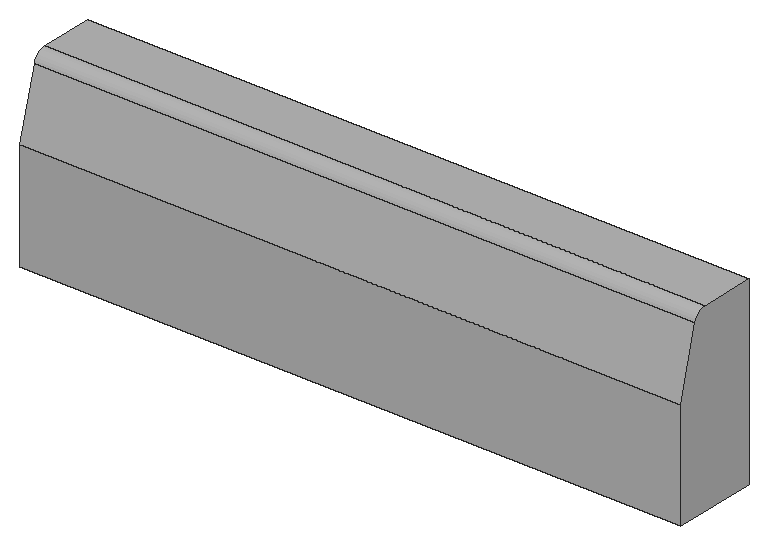
Revit family "K142 10x5 Pressed Kerb", category Generic Models, Revit 2020
Family settings
  Can host rebar = No
  Round Connector Dimension = Use Diameter
  Part Type = Normal
  Work Plane-Based = No
  Always vertical = Yes
  Cut with Voids When Loaded = No
  Shared = No
  Room Calculation Point = No
Parameters
  Weight = "62Kg."
  Warranty Guarantor Parts = "n/a"
  Warranty Guarantor Labour = "n/a"
  Warranty Duration Unit = "n/a"
  Warranty Duration Parts = "n/a"
  Warranty Duration Labour = "n/a"
  Warranty Description = "n/a"
  Unit Width [instance] = 116 mm
  Unit Length [instance] = 914 mm
  Unit Height [instance] = 254 mm
  URL = "www.killeshal.com"
  Types = "Single"
  Type Comments = "Visit our website for a full list of available products."
  Sustainability Performance = "n/a"
  Structural Class = "n/a"
  Span = "Length."
  Slope = "0.00°"
  Size = "116 Wide x 254 High x 914mm Long."
  Shape = "As per drawing"
  Service Life = "0.000000"
  Serial Number = "n/a"
  Resistance to Fire = "n/a"
  Replacement Cost = "n/a"
  Reference = "n/a"
  Notified Body = "n/a"
  Nominal Cover to Main Bar = "n/a"
  Model = "K/142 Kerb."
  Mechanical Resistance = "n/a"
  Manufacturer = "Killeshal Precast Concrete Ltd."
  Load Bearing = no
  Life Cycle Environmental Load = "n/a"
  Length Options = "914mm."
  Keynote = "The information contained is the sole property of KPC Ltd., any reproduction in part or whole without permission of KPC Ltd. is prohibited."
  Environmental Product Declaration = "n/a"
  Environmental Class = "n/a"
  Durability against Corrosion = "n/a"
  Dimension Accuracy Class = "I.S. EN 1340:2003"
  Detailing = "As per design specification and product drawings."
  Description = "10\" x 5\" Pressed Kerb."
  Default Elevation = 0 mm
  Dangerous Substances = "n/a"
  Contact Tel = "0035357 9353018"
  Contact Email = "sales@killeshal.com"
  Construction Type = "Precast"
  Construction Tolerance Class = "I.S. EN 1340:2003"
  Compressive Strength of Concrete = "n/a"
  Characteristics of Reinforcing Steel = "n/a"
  Characteristics Deflection Under Load = "n/a"
Reference planes
  plane 1 "Center (Front/Back)": y = 0
  plane 2: z = 0
  plane 3 "Center (Left/Right)": x = 0
  plane 4 "Rear": y = 58
  plane 5 "Front": y = -58
  plane 6 "Top": z = 254
  plane 7 "Center L/W": z = 150
  plane 8 "Center L/Y": y = -30
Forms (mm)
  Extrusion 1, solid, material "Precast Concrete (KPC)"
    sketch origin (0, 0, 0) x (0, 1, 0) y (0, 0, 1)
      loop
        line (58, 0) -> (58, 254) -> (-15.4, 254)
        arc (-15.4, 254) -> (-26.954, 250.083) -> (-33.745, 239.947) r 19
        line (-33.745, 239.947) -> (-58, 150) -> (-58, 0) -> (58, 0)
    from 0 to 914
Dimensions and locks
  "Unit Length": Extrusion 1 to Extrusion 1
  "Unit Width": Extrusion 1 to Extrusion 1
  "Unit Height": Extrusion 1 to Extrusion 1
  plane 7 "Center L/W" to level = 150 mm
  plane 4 "Rear" to plane 8 "Center L/Y" = 88 mm
  aligned and locked: level to plane 2
Automatic sketch dimensions
  Extrusion 1 sketch curve to level = 0 mm
  Extrusion 1 sketch curve to plane 5 "Front" = 0 mm
  Extrusion 1 sketch curve to plane 6 "Top" = 0 mm
  Extrusion 1 sketch curve to plane 4 "Rear" = 0 mm
  Extrusion 1 sketch curve to plane 7 "Center L/W" = 0 mm
  Extrusion 1 sketch curve to plane 8 "Center L/Y" = 3.745 mm
  plane 8 "Center L/Y" to Extrusion 1 sketch curve = 14.6 mm
  Extrusion 1 sketch curve to Extrusion 1 sketch curve = 19 mm
